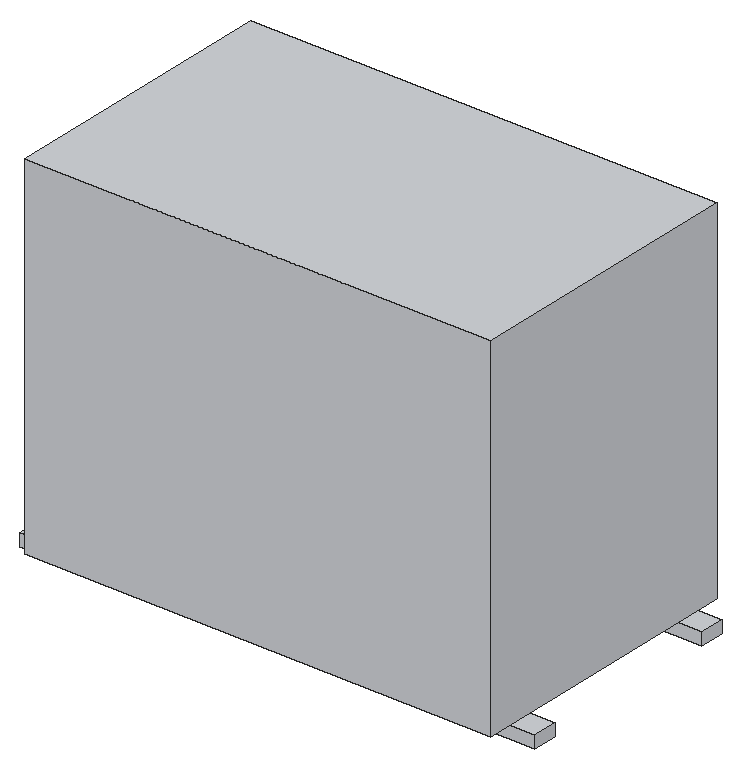
Revit family "Condicionador de Ar - Sistema Split - Ventilador Modular", category Equipamento mecânico, Revit 2019
Family settings
  Cota do conector redondo = Utilizar diâmetro
  Tipo de parte = Normal
  ID de item do Seek = AHU Coil - Refrigerant - Indoor-0000-USA-ENU
  Com base no plano de trabalho = Não
  Sempre na vertical = Sim
  Corte com vazios quando carregada = Não
  Compartilhado = Não
  Ponto de cálculo do ambiente = Não
Parameters (values of type "Padrão")
  Voltagem = 0 V
  Número de pólos = 1
  Classificação de carga = Refrigeração
  Largura do duto de entrada = 910 mm
  Altura do duto de entrada = 680 mm
  Largura do duto de descarga = 910 mm
  Altura do duto de descarga = 680 mm
  Largura da unidade = 580 mm
  Capacidade de refrigeração = 0 Btu/h
  Material base = none
  Altura base = 25.725 mm
  Carga aparente = 0 VA
  Fluxo de ar [instance] = 2833.2 m³/h
  Altura da unidade = 730 mm
  Comprimento da unidade = 960 mm
  Material do ventilador = none
  Queda de pressão do ar [instance] = 0.0 Pa
Reference planes
  plane 1 "Parte frontal": y = 0
  plane 2 "Inferior": z = 0
  plane 3 "Centro (direita/esquerda)": x = 0
  plane 4 "Esquerda": x = -480
  plane 5 "Direita": x = 480
  plane 6: y = 290
  plane 7 "Parte posterior": y = 580
  plane 8: y = 100.4
  plane 9: y = 25.4
  plane 10: y = 62.9
  plane 11 "Superior": z = 755.725
  plane 12: z = 217.862
  plane 13: x = 455
  plane 14: x = -455
  plane 15: x = -480
  plane 16: x = -530
  plane 17: z = 75.725
  plane 18: z = 680
  plane 19: z = 390.725
  plane 20 "Base": z = 25.725
  plane 21 "Dreno d": z = 36.725
  plane 22 "Topo da descarga": z = 702.725
  plane 23 "Parte inferior da descarga": z = 22.725
  plane 24: y = 50
  plane 25: y = 100
  plane 26: y = 530
  plane 27: y = 480
  plane 28: x = 530
  plane 29 "Topo da elétrica": z = 415.725
  plane 30 "Parte inferior da elétrica": z = 365.725
  plane 31 "Esquerda da elétrica": y = 322.5
  plane 32 "Direita da elétrica": y = 257.5
  plane 33 "Centro (Frente/Trás)": y = 290
Forms (mm)
  Extrusion 1, solid, material <- "Material do ventilador"
    sketch origin (0, 0, 0) x (1, 0, 0) y (0, 0, 1)
      loop
        line (-480, 755.725) -> (-480, 25.725) -> (480, 25.725) -> (480, 755.725) -> (-480, 755.725)
    from -580 to 0
  Extrusion 2, solid, material <- "Material base"
    sketch origin (0, 0, 0) x (1, 0, 0) y (0, 1, 0)
      loop
        line (-530, 530) -> (-530, 480) -> (530, 480) -> (530, 530) -> (-530, 530)
    from 0 to 25.725
  Extrusion 3, solid, material <- "Material base"
    sketch origin (250, -194.812, 0) x (1, 0, 0) y (0, 1, 0)
      loop
        line (-780, 294.812) -> (-780, 244.812) -> (280, 244.812) -> (280, 294.812) -> (-780, 294.812)
    from 0 to 25.725
  Extrusion 4, solid, material <- "Material do ventilador"
    sketch origin (-480, 0, 0) x (0, 1, 0) y (0, 0, 1)
      loop
        line (322.5, 415.725) -> (257.5, 415.725) -> (257.5, 365.725) -> (322.5, 365.725) -> (322.5, 415.725)
    from 0 to -5
Dimensions and locks
  equal spacing: plane 4 "Esquerda", plane 3 "Centro (direita/esquerda)", plane 5 "Direita"
  "Comprimento da unidade": plane 4 "Esquerda" to plane 5 "Direita"
  locked: plane 1 "Parte frontal" to plane 9 at 25.4
  locked: plane 10 to plane 9 at 37.5
  equal spacing: plane 14, plane 3 "Centro (direita/esquerda)", plane 13
  "Largura do duto de entrada": plane 14 to plane 13
  plane 4 "Esquerda" to plane 16 = 50 mm
  plane 17 to plane 2 "Inferior" = 75.725 mm
  locked: plane 18 to plane 2 "Inferior" at 680
  plane 19 to plane 12 = 172.862 mm
  equal spacing: plane 11 "Superior", plane 19, plane 20 "Base"
  locked: plane 10 to plane 8 at 37.5
  "Largura da unidade": plane 1 "Parte frontal" to plane 7 "Parte posterior"
  equal spacing: plane 7 "Parte posterior", plane 6, plane 1 "Parte frontal"
  "Altura base": plane 20 "Base" to plane 2 "Inferior"
  locked: plane 20 "Base" to plane 21 "Dreno d" at 11
  "Altura da unidade": plane 11 "Superior" to plane 20 "Base"
  plane 11 "Superior" to plane 18 = 75.725 mm
  "Altura do duto de descarga": plane 22 "Topo da descarga" to plane 23 "Parte inferior da descarga"
  plane 11 "Superior" to plane 22 "Topo da descarga" = 53 mm
  locked: plane 25 to plane 24 at 50
  locked: plane 1 "Parte frontal" to plane 24 at 50
  locked: plane 27 to plane 26 at 50
  locked: plane 7 "Parte posterior" to plane 26 at 50
  locked: plane 5 "Direita" to plane 28 at 50
  equal spacing: plane 31 "Esquerda da elétrica", plane 6, plane 32 "Direita da elétrica"
  plane 31 "Esquerda da elétrica" to plane 32 "Direita da elétrica" = 65 mm
  equal spacing: plane 29 "Topo da elétrica", plane 19, plane 30 "Parte inferior da elétrica"
  plane 29 "Topo da elétrica" to plane 30 "Parte inferior da elétrica" = 50 mm
  equal spacing: plane 7 "Parte posterior", plane 33 "Centro (Frente/Trás)", plane 1 "Parte frontal"
  aligned and locked: plane 4 "Esquerda" to Extrusion 1 sketch curve
  aligned and locked: Extrusion 1 sketch curve to plane 11 "Superior"
  aligned and locked: Extrusion 1 sketch curve to plane 5 "Direita"
  aligned and locked: plane 15 to plane 4 "Esquerda"
  aligned and locked: plane 28 to Extrusion 2
  aligned and locked: Extrusion 2 to plane 16
  aligned and locked: Extrusion 2 to plane 26
  aligned and locked: Extrusion 2 to plane 27
  aligned and locked: Extrusion 2 to plane 2 "Inferior"
  aligned and locked: plane 20 "Base" to Extrusion 2
  aligned and locked: Extrusion 3 to plane 25
  aligned and locked: Extrusion 3 to plane 24
  aligned and locked: Extrusion 3 to plane 28
  aligned and locked: Extrusion 3 to plane 16
  aligned and locked: plane 20 "Base" to Extrusion 3
  aligned and locked: Extrusion 3 to plane 2 "Inferior"
  aligned and locked: plane 2 "Inferior" to Extrusion 2
  aligned and locked: Extrusion 2 to plane 20 "Base"
  aligned and locked: plane 31 "Esquerda da elétrica" to Extrusion 4 sketch curve
  aligned and locked: Extrusion 4 sketch curve to plane 32 "Direita da elétrica"
  aligned and locked: plane 30 "Parte inferior da elétrica" to Extrusion 4 sketch curve
  aligned and locked: Extrusion 1 to plane 7 "Parte posterior"
  aligned and locked: Extrusion 1 to plane 1 "Parte frontal"
Automatic sketch dimensions
  Extrusion 1 sketch curve to plane 20 "Base" = 0 mm
  Extrusion 2 sketch curve to plane 27 = 0 mm
  Extrusion 2 sketch curve to plane 28 = 0 mm
  Extrusion 2 sketch curve to plane 26 = 0 mm
  Extrusion 3 sketch curve to plane 28 = 0 mm
  Extrusion 3 sketch curve to plane 6 = 240 mm
  plane 27 to Extrusion 3 sketch curve = 380 mm
  Extrusion 2 sketch curve to plane 16 = 0 mm
  Extrusion 3 sketch curve to plane 16 = 0 mm
  Extrusion 4 sketch curve to plane 29 "Topo da elétrica" = 0 mm
Connectors
  electrical at (-485, 290, 390.725), driven by "Número de pólos", driven by "Classificação de carga", driven by "Voltagem", driven by "Carga aparente"
    settings: on Extrusion 4, index 11, voltage 0 V, apparent load 0 VA, apparent load phase1 0 VA, apparent load phase2 0 VA, apparent load phase3 0 VA, power factor 0.8, load classification "Refrigeração", number of poles 1, system type 30, power factor state 1, is connector primary yes, connector utility no, sub classification motor no, connector description "Potência"
  hvac at (0, 580, 390.725), driven by "Fluxo de ar", driven by "Altura do duto de entrada", driven by "Largura do duto de entrada"
    settings: on Extrusion 1, index 12, duct flow 2833.2 m³/h, flow factor 0, pres drop 0.0 Pa, loss coef 0, conn angle 0.00°, conn width 910 mm, conn height 680 mm, conn diameter 609.6 mm, duct sys type 2, conn prof type 1, flow config 0, flow direction 1, loss method 0, conn ref index 13, conn util no, is conn primary yes, conn desc "Entrada de ar"
  hvac at (0, 0, 390.725), driven by "Fluxo de ar", driven by "Altura do duto de descarga", driven by "Largura do duto de descarga"
    settings: on Extrusion 1, index 13, duct flow 2833.2 m³/h, flow factor 0, pres drop 0.0 Pa, loss coef 0, conn angle 0.00°, conn width 910 mm, conn height 680 mm, conn diameter 609.6 mm, duct sys type 1, conn prof type 1, flow config 0, flow direction 2, loss method 0, conn ref index 12, conn util no, is conn primary no, conn desc "Saída de ar"
Types in the file's own list only (11): name | Número de pólos | Largura da unidade | Capacidade de refrigeração | Altura base | Altura da unidade | Comprimento da unidade
  60000 Btu/h | 1 | 580 mm | 60000 Btu/h | 26 mm | 730 mm | 960 mm
  90000 Btu/h | 1 | 740 mm | 90000 Btu/h | 26 mm | 870 mm | 1120 mm
  120000 Btu/h | 2 | 740 mm | 120000 Btu/h | 26 mm | 870 mm | 1430 mm
  150000 Btu/h | 2 | 740 mm | 150000 Btu/h | 26 mm | 1170 mm | 1500 mm
  180000 Btu/h | 2 | 740 mm | 180000 Btu/h | 26 mm | 1170 mm | 1500 mm
  240000 Btu/h | 2 | 740 mm | 240000 Btu/h | 26 mm | 1170 mm | 2000 mm
  300000 Btu/h | 2 | 930 mm | 300000 Btu/h | 26 mm | 1170 mm | 2400 mm
  360000 Btu/h | 2 | 930 mm | 360000 Btu/h | 26 mm | 1170 mm | 2770 mm
  420000 Btu/h | 2 | 930 mm | 420000 Btu/h | 26 mm | 1370 mm | 2770 mm
  480000 Btu/h | 2 | 930 mm | 480000 Btu/h | 26 mm | 1370 mm | 2770 mm
  600000 Btu/h | 2 | 930 mm | 600000 Btu/h | 26 mm | 1370 mm | 2770 mm
